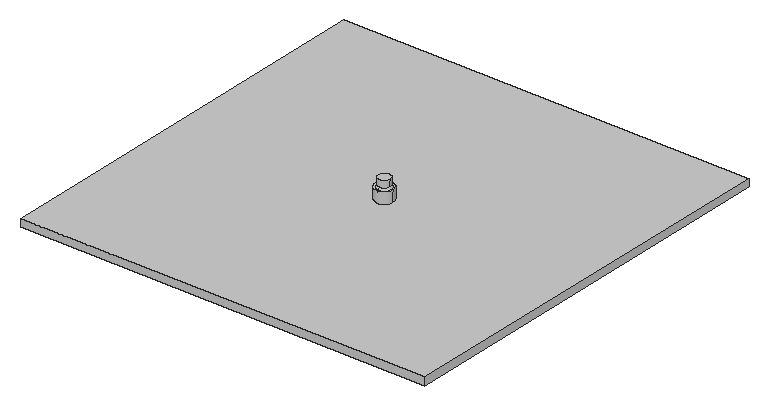
Revit family "SG0086523061CW", category Aparatos sanitarios, Revit 2019 (continued)
Automatic sketch dimensions
  plane 1 "Centro (Frontal/Posterior)" to Extrusion 952 sketch curve = 0.0 mm
  Extrusion 952 sketch curve to plane 3 "Centro (Izquierda/Derecha)" = 150.0 mm
  plane 1 "Centro (Frontal/Posterior)" to Extrusion 953 sketch curve = 0.0 mm
  Extrusion 953 sketch curve to plane 3 "Centro (Izquierda/Derecha)" = 150.0 mm
  plane 1 "Centro (Frontal/Posterior)" to Extrusion 954 sketch curve = 0.0 mm
  Extrusion 954 sketch curve to plane 3 "Centro (Izquierda/Derecha)" = 125.0 mm
  plane 1 "Centro (Frontal/Posterior)" to Extrusion 955 sketch curve = 0.0 mm
  Extrusion 955 sketch curve to plane 3 "Centro (Izquierda/Derecha)" = 125.0 mm
  plane 1 "Centro (Frontal/Posterior)" to Extrusion 956 sketch curve = 0.0 mm
  Extrusion 956 sketch curve to plane 3 "Centro (Izquierda/Derecha)" = 100.0 mm
  plane 1 "Centro (Frontal/Posterior)" to Extrusion 957 sketch curve = 0.0 mm
  Extrusion 957 sketch curve to plane 3 "Centro (Izquierda/Derecha)" = 100.0 mm
  plane 1 "Centro (Frontal/Posterior)" to Extrusion 958 sketch curve = 0.0 mm
  Extrusion 958 sketch curve to plane 3 "Centro (Izquierda/Derecha)" = 75.0 mm
  plane 1 "Centro (Frontal/Posterior)" to Extrusion 959 sketch curve = 0.0 mm
  Extrusion 959 sketch curve to plane 3 "Centro (Izquierda/Derecha)" = 75.0 mm
  plane 1 "Centro (Frontal/Posterior)" to Extrusion 960 sketch curve = 0.0 mm
  Extrusion 960 sketch curve to plane 3 "Centro (Izquierda/Derecha)" = 50.0 mm
  plane 1 "Centro (Frontal/Posterior)" to Extrusion 961 sketch curve = 0.0 mm
  Extrusion 961 sketch curve to plane 3 "Centro (Izquierda/Derecha)" = 50.0 mm
  plane 1 "Centro (Frontal/Posterior)" to Extrusion 962 sketch curve = 0.0 mm
  Extrusion 962 sketch curve to plane 3 "Centro (Izquierda/Derecha)" = 25.0 mm
  plane 1 "Centro (Frontal/Posterior)" to Extrusion 963 sketch curve = 0.0 mm
  Extrusion 963 sketch curve to plane 3 "Centro (Izquierda/Derecha)" = 25.0 mm
  plane 1 "Centro (Frontal/Posterior)" to Extrusion 964 sketch curve = 0.0 mm
  Extrusion 964 sketch curve to plane 3 "Centro (Izquierda/Derecha)" = 0.0 mm
  plane 1 "Centro (Frontal/Posterior)" to Extrusion 965 sketch curve = 0.0 mm
  Extrusion 965 sketch curve to plane 3 "Centro (Izquierda/Derecha)" = 0.0 mm
  plane 1 "Centro (Frontal/Posterior)" to Extrusion 966 sketch curve = 0.0 mm
  plane 3 "Centro (Izquierda/Derecha)" to Extrusion 966 sketch curve = 25.0 mm
  plane 1 "Centro (Frontal/Posterior)" to Extrusion 967 sketch curve = 0.0 mm
  plane 3 "Centro (Izquierda/Derecha)" to Extrusion 967 sketch curve = 25.0 mm
  plane 1 "Centro (Frontal/Posterior)" to Extrusion 968 sketch curve = 0.0 mm
  plane 3 "Centro (Izquierda/Derecha)" to Extrusion 968 sketch curve = 50.0 mm
  plane 1 "Centro (Frontal/Posterior)" to Extrusion 969 sketch curve = 0.0 mm
  plane 3 "Centro (Izquierda/Derecha)" to Extrusion 969 sketch curve = 50.0 mm
  plane 1 "Centro (Frontal/Posterior)" to Extrusion 970 sketch curve = 0.0 mm
  plane 3 "Centro (Izquierda/Derecha)" to Extrusion 970 sketch curve = 75.0 mm
  plane 1 "Centro (Frontal/Posterior)" to Extrusion 971 sketch curve = 0.0 mm
  plane 3 "Centro (Izquierda/Derecha)" to Extrusion 971 sketch curve = 75.0 mm
  plane 1 "Centro (Frontal/Posterior)" to Extrusion 972 sketch curve = 0.0 mm
  plane 3 "Centro (Izquierda/Derecha)" to Extrusion 972 sketch curve = 100.0 mm
  plane 1 "Centro (Frontal/Posterior)" to Extrusion 973 sketch curve = 0.0 mm
  plane 3 "Centro (Izquierda/Derecha)" to Extrusion 973 sketch curve = 100.0 mm
  plane 1 "Centro (Frontal/Posterior)" to Extrusion 974 sketch curve = 0.0 mm
  plane 3 "Centro (Izquierda/Derecha)" to Extrusion 974 sketch curve = 125.0 mm
  plane 1 "Centro (Frontal/Posterior)" to Extrusion 975 sketch curve = 0.0 mm
  plane 3 "Centro (Izquierda/Derecha)" to Extrusion 975 sketch curve = 125.0 mm
  plane 1 "Centro (Frontal/Posterior)" to Extrusion 976 sketch curve = 0.0 mm
  plane 3 "Centro (Izquierda/Derecha)" to Extrusion 976 sketch curve = 150.0 mm
  plane 1 "Centro (Frontal/Posterior)" to Extrusion 977 sketch curve = 0.0 mm
  plane 3 "Centro (Izquierda/Derecha)" to Extrusion 977 sketch curve = 150.0 mm
  plane 1 "Centro (Frontal/Posterior)" to Extrusion 978 sketch curve = 0.0 mm
  plane 3 "Centro (Izquierda/Derecha)" to Extrusion 978 sketch curve = 175.0 mm
  plane 1 "Centro (Frontal/Posterior)" to Extrusion 979 sketch curve = 0.0 mm
  plane 3 "Centro (Izquierda/Derecha)" to Extrusion 979 sketch curve = 175.0 mm
  plane 1 "Centro (Frontal/Posterior)" to Extrusion 980 sketch curve = 0.0 mm
  plane 3 "Centro (Izquierda/Derecha)" to Extrusion 980 sketch curve = 200.0 mm
  plane 1 "Centro (Frontal/Posterior)" to Extrusion 981 sketch curve = 0.0 mm
  plane 3 "Centro (Izquierda/Derecha)" to Extrusion 981 sketch curve = 200.0 mm
  plane 1 "Centro (Frontal/Posterior)" to Extrusion 982 sketch curve = 0.0 mm
  plane 5 to Extrusion 982 sketch curve = 175.0 mm
  plane 1 "Centro (Frontal/Posterior)" to Extrusion 983 sketch curve = 0.0 mm
  plane 5 to Extrusion 983 sketch curve = 175.0 mm
  plane 1 "Centro (Frontal/Posterior)" to Extrusion 984 sketch curve = 0.0 mm
  plane 5 to Extrusion 984 sketch curve = 150.0 mm
  plane 1 "Centro (Frontal/Posterior)" to Extrusion 985 sketch curve = 0.0 mm
  plane 5 to Extrusion 985 sketch curve = 150.0 mm
  plane 1 "Centro (Frontal/Posterior)" to Extrusion 986 sketch curve = 0.0 mm
  plane 5 to Extrusion 986 sketch curve = 125.0 mm
  plane 1 "Centro (Frontal/Posterior)" to Extrusion 987 sketch curve = 0.0 mm
  plane 5 to Extrusion 987 sketch curve = 125.0 mm
  plane 1 "Centro (Frontal/Posterior)" to Extrusion 988 sketch curve = 0.0 mm
  plane 5 to Extrusion 988 sketch curve = 100.0 mm
  plane 1 "Centro (Frontal/Posterior)" to Extrusion 989 sketch curve = 0.0 mm
  plane 5 to Extrusion 989 sketch curve = 100.0 mm
  plane 1 "Centro (Frontal/Posterior)" to Extrusion 990 sketch curve = 0.0 mm
  plane 5 to Extrusion 990 sketch curve = 75.0 mm
  plane 1 "Centro (Frontal/Posterior)" to Extrusion 991 sketch curve = 0.0 mm
  plane 5 to Extrusion 991 sketch curve = 75.0 mm
  plane 1 "Centro (Frontal/Posterior)" to Extrusion 992 sketch curve = 0.0 mm
  plane 5 to Extrusion 992 sketch curve = 50.0 mm
  plane 1 "Centro (Frontal/Posterior)" to Extrusion 993 sketch curve = 0.0 mm
  plane 5 to Extrusion 993 sketch curve = 50.0 mm
  plane 1 "Centro (Frontal/Posterior)" to Extrusion 994 sketch curve = 0.0 mm
  plane 5 to Extrusion 994 sketch curve = 25.0 mm
  plane 1 "Centro (Frontal/Posterior)" to Extrusion 995 sketch curve = 0.0 mm
  plane 5 to Extrusion 995 sketch curve = 25.0 mm
  Extrusion 996 sketch curve to plane 4 = 25.0 mm
  plane 1 "Centro (Frontal/Posterior)" to Extrusion 996 sketch curve = 25.0 mm
  Extrusion 997 sketch curve to plane 4 = 25.0 mm
  plane 1 "Centro (Frontal/Posterior)" to Extrusion 997 sketch curve = 25.0 mm
  plane 1 "Centro (Frontal/Posterior)" to Extrusion 998 sketch curve = 25.0 mm
  Extrusion 998 sketch curve to plane 4 = 50.0 mm
  plane 1 "Centro (Frontal/Posterior)" to Extrusion 999 sketch curve = 25.0 mm
  Extrusion 999 sketch curve to plane 4 = 50.0 mm
  plane 1 "Centro (Frontal/Posterior)" to Extrusion 1000 sketch curve = 25.0 mm
  Extrusion 1000 sketch curve to plane 4 = 75.0 mm
  plane 1 "Centro (Frontal/Posterior)" to Extrusion 1001 sketch curve = 25.0 mm
  Extrusion 1001 sketch curve to plane 4 = 75.0 mm
  plane 1 "Centro (Frontal/Posterior)" to Extrusion 1002 sketch curve = 25.0 mm
  Extrusion 1002 sketch curve to plane 4 = 100.0 mm
  plane 1 "Centro (Frontal/Posterior)" to Extrusion 1003 sketch curve = 25.0 mm
  Extrusion 1003 sketch curve to plane 4 = 100.0 mm
  plane 1 "Centro (Frontal/Posterior)" to Extrusion 1004 sketch curve = 25.0 mm
  Extrusion 1004 sketch curve to plane 4 = 125.0 mm
  plane 1 "Centro (Frontal/Posterior)" to Extrusion 1005 sketch curve = 25.0 mm
  Extrusion 1005 sketch curve to plane 4 = 125.0 mm
  plane 1 "Centro (Frontal/Posterior)" to Extrusion 1006 sketch curve = 25.0 mm
  Extrusion 1006 sketch curve to plane 4 = 150.0 mm
  plane 1 "Centro (Frontal/Posterior)" to Extrusion 1007 sketch curve = 25.0 mm
  Extrusion 1007 sketch curve to plane 4 = 150.0 mm
  plane 1 "Centro (Frontal/Posterior)" to Extrusion 1008 sketch curve = 25.0 mm
  Extrusion 1008 sketch curve to plane 4 = 175.0 mm
  plane 1 "Centro (Frontal/Posterior)" to Extrusion 1009 sketch curve = 25.0 mm
  Extrusion 1009 sketch curve to plane 4 = 175.0 mm
  plane 1 "Centro (Frontal/Posterior)" to Extrusion 1010 sketch curve = 25.0 mm
  Extrusion 1010 sketch curve to plane 3 "Centro (Izquierda/Derecha)" = 200.0 mm
  plane 1 "Centro (Frontal/Posterior)" to Extrusion 1011 sketch curve = 25.0 mm
  Extrusion 1011 sketch curve to plane 3 "Centro (Izquierda/Derecha)" = 200.0 mm
  plane 1 "Centro (Frontal/Posterior)" to Extrusion 1012 sketch curve = 25.0 mm
  Extrusion 1012 sketch curve to plane 3 "Centro (Izquierda/Derecha)" = 175.0 mm
  plane 1 "Centro (Frontal/Posterior)" to Extrusion 1013 sketch curve = 25.0 mm
  Extrusion 1013 sketch curve to plane 3 "Centro (Izquierda/Derecha)" = 175.0 mm
  plane 1 "Centro (Frontal/Posterior)" to Extrusion 1014 sketch curve = 25.0 mm
  Extrusion 1014 sketch curve to plane 3 "Centro (Izquierda/Derecha)" = 150.0 mm
  plane 1 "Centro (Frontal/Posterior)" to Extrusion 1015 sketch curve = 25.0 mm
  Extrusion 1015 sketch curve to plane 3 "Centro (Izquierda/Derecha)" = 150.0 mm
  plane 1 "Centro (Frontal/Posterior)" to Extrusion 1016 sketch curve = 25.0 mm
  Extrusion 1016 sketch curve to plane 3 "Centro (Izquierda/Derecha)" = 125.0 mm
  plane 1 "Centro (Frontal/Posterior)" to Extrusion 1017 sketch curve = 25.0 mm
  Extrusion 1017 sketch curve to plane 3 "Centro (Izquierda/Derecha)" = 125.0 mm
  plane 1 "Centro (Frontal/Posterior)" to Extrusion 1018 sketch curve = 25.0 mm
  Extrusion 1018 sketch curve to plane 3 "Centro (Izquierda/Derecha)" = 100.0 mm
  plane 1 "Centro (Frontal/Posterior)" to Extrusion 1019 sketch curve = 25.0 mm
  Extrusion 1019 sketch curve to plane 3 "Centro (Izquierda/Derecha)" = 100.0 mm
  plane 1 "Centro (Frontal/Posterior)" to Extrusion 1020 sketch curve = 25.0 mm
  Extrusion 1020 sketch curve to plane 3 "Centro (Izquierda/Derecha)" = 75.0 mm
  plane 1 "Centro (Frontal/Posterior)" to Extrusion 1021 sketch curve = 25.0 mm
  Extrusion 1021 sketch curve to plane 3 "Centro (Izquierda/Derecha)" = 75.0 mm
  plane 1 "Centro (Frontal/Posterior)" to Extrusion 1022 sketch curve = 25.0 mm
  Extrusion 1022 sketch curve to plane 3 "Centro (Izquierda/Derecha)" = 50.0 mm
  plane 1 "Centro (Frontal/Posterior)" to Extrusion 1023 sketch curve = 25.0 mm
  Extrusion 1023 sketch curve to plane 3 "Centro (Izquierda/Derecha)" = 50.0 mm
  Extrusion 1024 sketch curve to plane 3 "Centro (Izquierda/Derecha)" = 25.0 mm
  plane 1 "Centro (Frontal/Posterior)" to Extrusion 1024 sketch curve = 25.0 mm
  Extrusion 1025 sketch curve to plane 3 "Centro (Izquierda/Derecha)" = 25.0 mm
  plane 1 "Centro (Frontal/Posterior)" to Extrusion 1025 sketch curve = 25.0 mm
  Extrusion 1026 sketch curve to plane 3 "Centro (Izquierda/Derecha)" = 0.0 mm
  plane 1 "Centro (Frontal/Posterior)" to Extrusion 1026 sketch curve = 25.0 mm
  Extrusion 1027 sketch curve to plane 3 "Centro (Izquierda/Derecha)" = 0.0 mm
  plane 1 "Centro (Frontal/Posterior)" to Extrusion 1027 sketch curve = 25.0 mm
  plane 3 "Centro (Izquierda/Derecha)" to Extrusion 1028 sketch curve = 25.0 mm
  plane 1 "Centro (Frontal/Posterior)" to Extrusion 1028 sketch curve = 25.0 mm
  plane 3 "Centro (Izquierda/Derecha)" to Extrusion 1029 sketch curve = 25.0 mm
  plane 1 "Centro (Frontal/Posterior)" to Extrusion 1029 sketch curve = 25.0 mm
  plane 1 "Centro (Frontal/Posterior)" to Extrusion 1030 sketch curve = 25.0 mm
  plane 3 "Centro (Izquierda/Derecha)" to Extrusion 1030 sketch curve = 50.0 mm
  plane 1 "Centro (Frontal/Posterior)" to Extrusion 1031 sketch curve = 25.0 mm
  plane 3 "Centro (Izquierda/Derecha)" to Extrusion 1031 sketch curve = 50.0 mm
  plane 1 "Centro (Frontal/Posterior)" to Extrusion 1032 sketch curve = 25.0 mm
  plane 3 "Centro (Izquierda/Derecha)" to Extrusion 1032 sketch curve = 75.0 mm
  plane 1 "Centro (Frontal/Posterior)" to Extrusion 1033 sketch curve = 25.0 mm
  plane 3 "Centro (Izquierda/Derecha)" to Extrusion 1033 sketch curve = 75.0 mm
  plane 1 "Centro (Frontal/Posterior)" to Extrusion 1034 sketch curve = 25.0 mm
  plane 3 "Centro (Izquierda/Derecha)" to Extrusion 1034 sketch curve = 100.0 mm
  plane 1 "Centro (Frontal/Posterior)" to Extrusion 1035 sketch curve = 25.0 mm
  plane 3 "Centro (Izquierda/Derecha)" to Extrusion 1035 sketch curve = 100.0 mm
  plane 1 "Centro (Frontal/Posterior)" to Extrusion 1036 sketch curve = 25.0 mm
  plane 3 "Centro (Izquierda/Derecha)" to Extrusion 1036 sketch curve = 125.0 mm
  plane 1 "Centro (Frontal/Posterior)" to Extrusion 1037 sketch curve = 25.0 mm
  plane 3 "Centro (Izquierda/Derecha)" to Extrusion 1037 sketch curve = 125.0 mm
  plane 1 "Centro (Frontal/Posterior)" to Extrusion 1038 sketch curve = 25.0 mm
  plane 3 "Centro (Izquierda/Derecha)" to Extrusion 1038 sketch curve = 150.0 mm
  plane 1 "Centro (Frontal/Posterior)" to Extrusion 1039 sketch curve = 25.0 mm
  plane 3 "Centro (Izquierda/Derecha)" to Extrusion 1039 sketch curve = 150.0 mm
  plane 1 "Centro (Frontal/Posterior)" to Extrusion 1040 sketch curve = 25.0 mm
  plane 3 "Centro (Izquierda/Derecha)" to Extrusion 1040 sketch curve = 175.0 mm
  plane 1 "Centro (Frontal/Posterior)" to Extrusion 1041 sketch curve = 25.0 mm
  plane 3 "Centro (Izquierda/Derecha)" to Extrusion 1041 sketch curve = 175.0 mm
  plane 1 "Centro (Frontal/Posterior)" to Extrusion 1042 sketch curve = 25.0 mm
  plane 3 "Centro (Izquierda/Derecha)" to Extrusion 1042 sketch curve = 200.0 mm
  plane 1 "Centro (Frontal/Posterior)" to Extrusion 1043 sketch curve = 25.0 mm
  plane 3 "Centro (Izquierda/Derecha)" to Extrusion 1043 sketch curve = 200.0 mm
  plane 1 "Centro (Frontal/Posterior)" to Extrusion 1044 sketch curve = 25.0 mm
  plane 5 to Extrusion 1044 sketch curve = 175.0 mm
  plane 1 "Centro (Frontal/Posterior)" to Extrusion 1045 sketch curve = 25.0 mm
  plane 5 to Extrusion 1045 sketch curve = 175.0 mm
  plane 1 "Centro (Frontal/Posterior)" to Extrusion 1046 sketch curve = 25.0 mm
  plane 5 to Extrusion 1046 sketch curve = 150.0 mm
  plane 1 "Centro (Frontal/Posterior)" to Extrusion 1047 sketch curve = 25.0 mm
  plane 5 to Extrusion 1047 sketch curve = 150.0 mm
  plane 1 "Centro (Frontal/Posterior)" to Extrusion 1048 sketch curve = 25.0 mm
  plane 5 to Extrusion 1048 sketch curve = 125.0 mm
  plane 1 "Centro (Frontal/Posterior)" to Extrusion 1049 sketch curve = 25.0 mm
  plane 5 to Extrusion 1049 sketch curve = 125.0 mm
  plane 1 "Centro (Frontal/Posterior)" to Extrusion 1050 sketch curve = 25.0 mm
  plane 5 to Extrusion 1050 sketch curve = 100.0 mm
  plane 1 "Centro (Frontal/Posterior)" to Extrusion 1051 sketch curve = 25.0 mm
  plane 5 to Extrusion 1051 sketch curve = 100.0 mm
  plane 1 "Centro (Frontal/Posterior)" to Extrusion 1052 sketch curve = 25.0 mm
  plane 5 to Extrusion 1052 sketch curve = 75.0 mm
  plane 1 "Centro (Frontal/Posterior)" to Extrusion 1053 sketch curve = 25.0 mm
  plane 5 to Extrusion 1053 sketch curve = 75.0 mm
  plane 1 "Centro (Frontal/Posterior)" to Extrusion 1054 sketch curve = 25.0 mm
  plane 5 to Extrusion 1054 sketch curve = 50.0 mm
  plane 1 "Centro (Frontal/Posterior)" to Extrusion 1055 sketch curve = 25.0 mm
  plane 5 to Extrusion 1055 sketch curve = 50.0 mm
  plane 5 to Extrusion 1056 sketch curve = 25.0 mm
  plane 1 "Centro (Frontal/Posterior)" to Extrusion 1056 sketch curve = 25.0 mm
  plane 5 to Extrusion 1057 sketch curve = 25.0 mm
  plane 1 "Centro (Frontal/Posterior)" to Extrusion 1057 sketch curve = 25.0 mm
  Extrusion 1058 sketch curve to plane 4 = 25.0 mm
  plane 1 "Centro (Frontal/Posterior)" to Extrusion 1058 sketch curve = 50.0 mm
  Extrusion 1059 sketch curve to plane 4 = 25.0 mm
  plane 1 "Centro (Frontal/Posterior)" to Extrusion 1059 sketch curve = 50.0 mm
  Extrusion 1060 sketch curve to plane 4 = 50.0 mm
  plane 1 "Centro (Frontal/Posterior)" to Extrusion 1060 sketch curve = 50.0 mm
  Extrusion 1061 sketch curve to plane 4 = 50.0 mm
  plane 1 "Centro (Frontal/Posterior)" to Extrusion 1061 sketch curve = 50.0 mm
  Extrusion 1062 sketch curve to plane 4 = 75.0 mm
  plane 1 "Centro (Frontal/Posterior)" to Extrusion 1062 sketch curve = 50.0 mm
  Extrusion 1063 sketch curve to plane 4 = 75.0 mm
  plane 1 "Centro (Frontal/Posterior)" to Extrusion 1063 sketch curve = 50.0 mm
  plane 1 "Centro (Frontal/Posterior)" to Extrusion 1064 sketch curve = 50.0 mm
  Extrusion 1064 sketch curve to plane 4 = 100.0 mm
  plane 1 "Centro (Frontal/Posterior)" to Extrusion 1065 sketch curve = 50.0 mm
  Extrusion 1065 sketch curve to plane 4 = 100.0 mm
  plane 1 "Centro (Frontal/Posterior)" to Extrusion 1066 sketch curve = 50.0 mm
  Extrusion 1066 sketch curve to plane 4 = 125.0 mm
  plane 1 "Centro (Frontal/Posterior)" to Extrusion 1067 sketch curve = 50.0 mm
  Extrusion 1067 sketch curve to plane 4 = 125.0 mm
  plane 1 "Centro (Frontal/Posterior)" to Extrusion 1068 sketch curve = 50.0 mm
  Extrusion 1068 sketch curve to plane 4 = 150.0 mm
  plane 1 "Centro (Frontal/Posterior)" to Extrusion 1069 sketch curve = 50.0 mm
  Extrusion 1069 sketch curve to plane 4 = 150.0 mm
  plane 1 "Centro (Frontal/Posterior)" to Extrusion 1070 sketch curve = 50.0 mm
  Extrusion 1070 sketch curve to plane 4 = 175.0 mm
  plane 1 "Centro (Frontal/Posterior)" to Extrusion 1071 sketch curve = 50.0 mm
  Extrusion 1071 sketch curve to plane 4 = 175.0 mm
  plane 1 "Centro (Frontal/Posterior)" to Extrusion 1072 sketch curve = 50.0 mm
  Extrusion 1072 sketch curve to plane 3 "Centro (Izquierda/Derecha)" = 200.0 mm
  plane 1 "Centro (Frontal/Posterior)" to Extrusion 1073 sketch curve = 50.0 mm
  Extrusion 1073 sketch curve to plane 3 "Centro (Izquierda/Derecha)" = 200.0 mm
  plane 1 "Centro (Frontal/Posterior)" to Extrusion 1074 sketch curve = 50.0 mm
  Extrusion 1074 sketch curve to plane 3 "Centro (Izquierda/Derecha)" = 175.0 mm
  plane 1 "Centro (Frontal/Posterior)" to Extrusion 1075 sketch curve = 50.0 mm
  Extrusion 1075 sketch curve to plane 3 "Centro (Izquierda/Derecha)" = 175.0 mm
  plane 1 "Centro (Frontal/Posterior)" to Extrusion 1076 sketch curve = 50.0 mm
  Extrusion 1076 sketch curve to plane 3 "Centro (Izquierda/Derecha)" = 150.0 mm
  plane 1 "Centro (Frontal/Posterior)" to Extrusion 1077 sketch curve = 50.0 mm
  Extrusion 1077 sketch curve to plane 3 "Centro (Izquierda/Derecha)" = 150.0 mm
  plane 1 "Centro (Frontal/Posterior)" to Extrusion 1078 sketch curve = 50.0 mm
  Extrusion 1078 sketch curve to plane 3 "Centro (Izquierda/Derecha)" = 125.0 mm
  plane 1 "Centro (Frontal/Posterior)" to Extrusion 1079 sketch curve = 50.0 mm
  Extrusion 1079 sketch curve to plane 3 "Centro (Izquierda/Derecha)" = 125.0 mm
  plane 1 "Centro (Frontal/Posterior)" to Extrusion 1080 sketch curve = 50.0 mm
  Extrusion 1080 sketch curve to plane 3 "Centro (Izquierda/Derecha)" = 100.0 mm
  plane 1 "Centro (Frontal/Posterior)" to Extrusion 1081 sketch curve = 50.0 mm
  Extrusion 1081 sketch curve to plane 3 "Centro (Izquierda/Derecha)" = 100.0 mm
  Extrusion 1082 sketch curve to plane 3 "Centro (Izquierda/Derecha)" = 75.0 mm
  plane 1 "Centro (Frontal/Posterior)" to Extrusion 1082 sketch curve = 50.0 mm
  Extrusion 1083 sketch curve to plane 3 "Centro (Izquierda/Derecha)" = 75.0 mm
  plane 1 "Centro (Frontal/Posterior)" to Extrusion 1083 sketch curve = 50.0 mm
  Extrusion 1084 sketch curve to plane 3 "Centro (Izquierda/Derecha)" = 50.0 mm
  plane 1 "Centro (Frontal/Posterior)" to Extrusion 1084 sketch curve = 50.0 mm
  Extrusion 1085 sketch curve to plane 3 "Centro (Izquierda/Derecha)" = 50.0 mm
  plane 1 "Centro (Frontal/Posterior)" to Extrusion 1085 sketch curve = 50.0 mm
  Extrusion 1086 sketch curve to plane 3 "Centro (Izquierda/Derecha)" = 25.0 mm
  plane 1 "Centro (Frontal/Posterior)" to Extrusion 1086 sketch curve = 50.0 mm
  Extrusion 1087 sketch curve to plane 3 "Centro (Izquierda/Derecha)" = 25.0 mm
  plane 1 "Centro (Frontal/Posterior)" to Extrusion 1087 sketch curve = 50.0 mm
  Extrusion 1088 sketch curve to plane 3 "Centro (Izquierda/Derecha)" = 0.0 mm
  plane 1 "Centro (Frontal/Posterior)" to Extrusion 1088 sketch curve = 50.0 mm
  Extrusion 1089 sketch curve to plane 3 "Centro (Izquierda/Derecha)" = 0.0 mm
  plane 1 "Centro (Frontal/Posterior)" to Extrusion 1089 sketch curve = 50.0 mm
  plane 3 "Centro (Izquierda/Derecha)" to Extrusion 1090 sketch curve = 25.0 mm
  plane 1 "Centro (Frontal/Posterior)" to Extrusion 1090 sketch curve = 50.0 mm
  plane 3 "Centro (Izquierda/Derecha)" to Extrusion 1091 sketch curve = 25.0 mm
  plane 1 "Centro (Frontal/Posterior)" to Extrusion 1091 sketch curve = 50.0 mm
  plane 3 "Centro (Izquierda/Derecha)" to Extrusion 1092 sketch curve = 50.0 mm
  plane 1 "Centro (Frontal/Posterior)" to Extrusion 1092 sketch curve = 50.0 mm
  plane 3 "Centro (Izquierda/Derecha)" to Extrusion 1093 sketch curve = 50.0 mm
  plane 1 "Centro (Frontal/Posterior)" to Extrusion 1093 sketch curve = 50.0 mm
  plane 3 "Centro (Izquierda/Derecha)" to Extrusion 1094 sketch curve = 75.0 mm
  plane 1 "Centro (Frontal/Posterior)" to Extrusion 1094 sketch curve = 50.0 mm
  plane 3 "Centro (Izquierda/Derecha)" to Extrusion 1095 sketch curve = 75.0 mm
  plane 1 "Centro (Frontal/Posterior)" to Extrusion 1095 sketch curve = 50.0 mm
  plane 1 "Centro (Frontal/Posterior)" to Extrusion 1096 sketch curve = 50.0 mm
  plane 3 "Centro (Izquierda/Derecha)" to Extrusion 1096 sketch curve = 100.0 mm
  plane 1 "Centro (Frontal/Posterior)" to Extrusion 1097 sketch curve = 50.0 mm
  plane 3 "Centro (Izquierda/Derecha)" to Extrusion 1097 sketch curve = 100.0 mm
  plane 1 "Centro (Frontal/Posterior)" to Extrusion 1098 sketch curve = 50.0 mm
  plane 3 "Centro (Izquierda/Derecha)" to Extrusion 1098 sketch curve = 125.0 mm
  plane 1 "Centro (Frontal/Posterior)" to Extrusion 1099 sketch curve = 50.0 mm
  plane 3 "Centro (Izquierda/Derecha)" to Extrusion 1099 sketch curve = 125.0 mm
  plane 1 "Centro (Frontal/Posterior)" to Extrusion 1100 sketch curve = 50.0 mm
  plane 3 "Centro (Izquierda/Derecha)" to Extrusion 1100 sketch curve = 150.0 mm
  plane 1 "Centro (Frontal/Posterior)" to Extrusion 1101 sketch curve = 50.0 mm
  plane 3 "Centro (Izquierda/Derecha)" to Extrusion 1101 sketch curve = 150.0 mm
  plane 1 "Centro (Frontal/Posterior)" to Extrusion 1102 sketch curve = 50.0 mm
  plane 3 "Centro (Izquierda/Derecha)" to Extrusion 1102 sketch curve = 175.0 mm
  plane 1 "Centro (Frontal/Posterior)" to Extrusion 1103 sketch curve = 50.0 mm
  plane 3 "Centro (Izquierda/Derecha)" to Extrusion 1103 sketch curve = 175.0 mm
  plane 1 "Centro (Frontal/Posterior)" to Extrusion 1104 sketch curve = 50.0 mm
  plane 3 "Centro (Izquierda/Derecha)" to Extrusion 1104 sketch curve = 200.0 mm
  plane 1 "Centro (Frontal/Posterior)" to Extrusion 1105 sketch curve = 50.0 mm
  plane 3 "Centro (Izquierda/Derecha)" to Extrusion 1105 sketch curve = 200.0 mm
  plane 1 "Centro (Frontal/Posterior)" to Extrusion 1106 sketch curve = 50.0 mm
  plane 5 to Extrusion 1106 sketch curve = 175.0 mm
  plane 1 "Centro (Frontal/Posterior)" to Extrusion 1107 sketch curve = 50.0 mm
  plane 5 to Extrusion 1107 sketch curve = 175.0 mm
  plane 1 "Centro (Frontal/Posterior)" to Extrusion 1108 sketch curve = 50.0 mm
  plane 5 to Extrusion 1108 sketch curve = 150.0 mm
  plane 1 "Centro (Frontal/Posterior)" to Extrusion 1109 sketch curve = 50.0 mm
  plane 5 to Extrusion 1109 sketch curve = 150.0 mm
  plane 1 "Centro (Frontal/Posterior)" to Extrusion 1110 sketch curve = 50.0 mm
  plane 5 to Extrusion 1110 sketch curve = 125.0 mm
  plane 1 "Centro (Frontal/Posterior)" to Extrusion 1111 sketch curve = 50.0 mm
  plane 5 to Extrusion 1111 sketch curve = 125.0 mm
  plane 1 "Centro (Frontal/Posterior)" to Extrusion 1112 sketch curve = 50.0 mm
  plane 5 to Extrusion 1112 sketch curve = 100.0 mm
  plane 1 "Centro (Frontal/Posterior)" to Extrusion 1113 sketch curve = 50.0 mm
  plane 5 to Extrusion 1113 sketch curve = 100.0 mm
  plane 5 to Extrusion 1114 sketch curve = 75.0 mm
  plane 1 "Centro (Frontal/Posterior)" to Extrusion 1114 sketch curve = 50.0 mm
  plane 5 to Extrusion 1115 sketch curve = 75.0 mm
  plane 1 "Centro (Frontal/Posterior)" to Extrusion 1115 sketch curve = 50.0 mm
  plane 5 to Extrusion 1116 sketch curve = 50.0 mm
  plane 1 "Centro (Frontal/Posterior)" to Extrusion 1116 sketch curve = 50.0 mm
  plane 5 to Extrusion 1117 sketch curve = 50.0 mm
  plane 1 "Centro (Frontal/Posterior)" to Extrusion 1117 sketch curve = 50.0 mm
  plane 5 to Extrusion 1118 sketch curve = 25.0 mm
  plane 1 "Centro (Frontal/Posterior)" to Extrusion 1118 sketch curve = 50.0 mm
  plane 5 to Extrusion 1119 sketch curve = 25.0 mm
  plane 1 "Centro (Frontal/Posterior)" to Extrusion 1119 sketch curve = 50.0 mm
  Extrusion 1120 sketch curve to plane 4 = 25.0 mm
  plane 1 "Centro (Frontal/Posterior)" to Extrusion 1120 sketch curve = 75.0 mm
  Extrusion 1121 sketch curve to plane 4 = 25.0 mm
  plane 1 "Centro (Frontal/Posterior)" to Extrusion 1121 sketch curve = 75.0 mm
  Extrusion 1122 sketch curve to plane 4 = 50.0 mm
  plane 1 "Centro (Frontal/Posterior)" to Extrusion 1122 sketch curve = 75.0 mm
  Extrusion 1123 sketch curve to plane 4 = 50.0 mm
  plane 1 "Centro (Frontal/Posterior)" to Extrusion 1123 sketch curve = 75.0 mm
  Extrusion 1124 sketch curve to plane 4 = 75.0 mm
  plane 1 "Centro (Frontal/Posterior)" to Extrusion 1124 sketch curve = 75.0 mm
  Extrusion 1125 sketch curve to plane 4 = 75.0 mm
  plane 1 "Centro (Frontal/Posterior)" to Extrusion 1125 sketch curve = 75.0 mm
  Extrusion 1126 sketch curve to plane 4 = 100.0 mm
  plane 1 "Centro (Frontal/Posterior)" to Extrusion 1126 sketch curve = 75.0 mm
  Extrusion 1127 sketch curve to plane 4 = 100.0 mm
  plane 1 "Centro (Frontal/Posterior)" to Extrusion 1127 sketch curve = 75.0 mm
  Extrusion 1128 sketch curve to plane 4 = 125.0 mm
  plane 1 "Centro (Frontal/Posterior)" to Extrusion 1128 sketch curve = 75.0 mm
  Extrusion 1129 sketch curve to plane 4 = 125.0 mm
  plane 1 "Centro (Frontal/Posterior)" to Extrusion 1129 sketch curve = 75.0 mm
  plane 1 "Centro (Frontal/Posterior)" to Extrusion 1130 sketch curve = 75.0 mm
  Extrusion 1130 sketch curve to plane 4 = 150.0 mm
  plane 1 "Centro (Frontal/Posterior)" to Extrusion 1131 sketch curve = 75.0 mm
  Extrusion 1131 sketch curve to plane 4 = 150.0 mm
  plane 1 "Centro (Frontal/Posterior)" to Extrusion 1132 sketch curve = 75.0 mm
  Extrusion 1132 sketch curve to plane 4 = 175.0 mm
  plane 1 "Centro (Frontal/Posterior)" to Extrusion 1133 sketch curve = 75.0 mm
  Extrusion 1133 sketch curve to plane 4 = 175.0 mm
  plane 1 "Centro (Frontal/Posterior)" to Extrusion 1134 sketch curve = 75.0 mm
  Extrusion 1134 sketch curve to plane 3 "Centro (Izquierda/Derecha)" = 200.0 mm
  plane 1 "Centro (Frontal/Posterior)" to Extrusion 1135 sketch curve = 75.0 mm
  Extrusion 1135 sketch curve to plane 3 "Centro (Izquierda/Derecha)" = 200.0 mm
  plane 1 "Centro (Frontal/Posterior)" to Extrusion 1136 sketch curve = 75.0 mm
  Extrusion 1136 sketch curve to plane 3 "Centro (Izquierda/Derecha)" = 175.0 mm
  plane 1 "Centro (Frontal/Posterior)" to Extrusion 1137 sketch curve = 75.0 mm
  Extrusion 1137 sketch curve to plane 3 "Centro (Izquierda/Derecha)" = 175.0 mm
  plane 1 "Centro (Frontal/Posterior)" to Extrusion 1138 sketch curve = 75.0 mm
  Extrusion 1138 sketch curve to plane 3 "Centro (Izquierda/Derecha)" = 150.0 mm
  plane 1 "Centro (Frontal/Posterior)" to Extrusion 1139 sketch curve = 75.0 mm
  Extrusion 1139 sketch curve to plane 3 "Centro (Izquierda/Derecha)" = 150.0 mm
  Extrusion 1140 sketch curve to plane 3 "Centro (Izquierda/Derecha)" = 125.0 mm
  plane 1 "Centro (Frontal/Posterior)" to Extrusion 1140 sketch curve = 75.0 mm
  Extrusion 1141 sketch curve to plane 3 "Centro (Izquierda/Derecha)" = 125.0 mm
  plane 1 "Centro (Frontal/Posterior)" to Extrusion 1141 sketch curve = 75.0 mm
  Extrusion 1142 sketch curve to plane 3 "Centro (Izquierda/Derecha)" = 100.0 mm
  plane 1 "Centro (Frontal/Posterior)" to Extrusion 1142 sketch curve = 75.0 mm
  Extrusion 1143 sketch curve to plane 3 "Centro (Izquierda/Derecha)" = 100.0 mm
  plane 1 "Centro (Frontal/Posterior)" to Extrusion 1143 sketch curve = 75.0 mm
  Extrusion 1144 sketch curve to plane 3 "Centro (Izquierda/Derecha)" = 75.0 mm
  plane 1 "Centro (Frontal/Posterior)" to Extrusion 1144 sketch curve = 75.0 mm
  Extrusion 1145 sketch curve to plane 3 "Centro (Izquierda/Derecha)" = 75.0 mm
  plane 1 "Centro (Frontal/Posterior)" to Extrusion 1145 sketch curve = 75.0 mm
  Extrusion 1146 sketch curve to plane 3 "Centro (Izquierda/Derecha)" = 50.0 mm
  plane 1 "Centro (Frontal/Posterior)" to Extrusion 1146 sketch curve = 75.0 mm
  Extrusion 1147 sketch curve to plane 3 "Centro (Izquierda/Derecha)" = 50.0 mm
  plane 1 "Centro (Frontal/Posterior)" to Extrusion 1147 sketch curve = 75.0 mm
  Extrusion 1148 sketch curve to plane 3 "Centro (Izquierda/Derecha)" = 25.0 mm
  plane 1 "Centro (Frontal/Posterior)" to Extrusion 1148 sketch curve = 75.0 mm
  Extrusion 1149 sketch curve to plane 3 "Centro (Izquierda/Derecha)" = 25.0 mm
  plane 1 "Centro (Frontal/Posterior)" to Extrusion 1149 sketch curve = 75.0 mm
  Extrusion 1150 sketch curve to plane 3 "Centro (Izquierda/Derecha)" = 0.0 mm
  plane 1 "Centro (Frontal/Posterior)" to Extrusion 1150 sketch curve = 75.0 mm
  Extrusion 1151 sketch curve to plane 3 "Centro (Izquierda/Derecha)" = 0.0 mm
  plane 1 "Centro (Frontal/Posterior)" to Extrusion 1151 sketch curve = 75.0 mm
  plane 3 "Centro (Izquierda/Derecha)" to Extrusion 1152 sketch curve = 25.0 mm
  plane 1 "Centro (Frontal/Posterior)" to Extrusion 1152 sketch curve = 75.0 mm
  plane 3 "Centro (Izquierda/Derecha)" to Extrusion 1153 sketch curve = 25.0 mm
  plane 1 "Centro (Frontal/Posterior)" to Extrusion 1153 sketch curve = 75.0 mm
  plane 3 "Centro (Izquierda/Derecha)" to Extrusion 1154 sketch curve = 50.0 mm
  plane 1 "Centro (Frontal/Posterior)" to Extrusion 1154 sketch curve = 75.0 mm
  plane 3 "Centro (Izquierda/Derecha)" to Extrusion 1155 sketch curve = 50.0 mm
  plane 1 "Centro (Frontal/Posterior)" to Extrusion 1155 sketch curve = 75.0 mm
  plane 3 "Centro (Izquierda/Derecha)" to Extrusion 1156 sketch curve = 75.0 mm
  plane 1 "Centro (Frontal/Posterior)" to Extrusion 1156 sketch curve = 75.0 mm
  plane 3 "Centro (Izquierda/Derecha)" to Extrusion 1157 sketch curve = 75.0 mm
  plane 1 "Centro (Frontal/Posterior)" to Extrusion 1157 sketch curve = 75.0 mm
  plane 3 "Centro (Izquierda/Derecha)" to Extrusion 1158 sketch curve = 100.0 mm
  plane 1 "Centro (Frontal/Posterior)" to Extrusion 1158 sketch curve = 75.0 mm
  plane 3 "Centro (Izquierda/Derecha)" to Extrusion 1159 sketch curve = 100.0 mm
  plane 1 "Centro (Frontal/Posterior)" to Extrusion 1159 sketch curve = 75.0 mm
  plane 3 "Centro (Izquierda/Derecha)" to Extrusion 1160 sketch curve = 125.0 mm
  plane 1 "Centro (Frontal/Posterior)" to Extrusion 1160 sketch curve = 75.0 mm
  plane 3 "Centro (Izquierda/Derecha)" to Extrusion 1161 sketch curve = 125.0 mm
  plane 1 "Centro (Frontal/Posterior)" to Extrusion 1161 sketch curve = 75.0 mm
  plane 1 "Centro (Frontal/Posterior)" to Extrusion 1162 sketch curve = 75.0 mm
  plane 3 "Centro (Izquierda/Derecha)" to Extrusion 1162 sketch curve = 150.0 mm
  plane 1 "Centro (Frontal/Posterior)" to Extrusion 1163 sketch curve = 75.0 mm
  plane 3 "Centro (Izquierda/Derecha)" to Extrusion 1163 sketch curve = 150.0 mm
  plane 1 "Centro (Frontal/Posterior)" to Extrusion 1164 sketch curve = 75.0 mm
  plane 3 "Centro (Izquierda/Derecha)" to Extrusion 1164 sketch curve = 175.0 mm
  plane 1 "Centro (Frontal/Posterior)" to Extrusion 1165 sketch curve = 75.0 mm
  plane 3 "Centro (Izquierda/Derecha)" to Extrusion 1165 sketch curve = 175.0 mm
  plane 1 "Centro (Frontal/Posterior)" to Extrusion 1166 sketch curve = 75.0 mm
  plane 3 "Centro (Izquierda/Derecha)" to Extrusion 1166 sketch curve = 200.0 mm
  plane 1 "Centro (Frontal/Posterior)" to Extrusion 1167 sketch curve = 75.0 mm
  plane 3 "Centro (Izquierda/Derecha)" to Extrusion 1167 sketch curve = 200.0 mm
  plane 1 "Centro (Frontal/Posterior)" to Extrusion 1168 sketch curve = 75.0 mm
  plane 5 to Extrusion 1168 sketch curve = 175.0 mm
  plane 1 "Centro (Frontal/Posterior)" to Extrusion 1169 sketch curve = 75.0 mm
  plane 5 to Extrusion 1169 sketch curve = 175.0 mm
  plane 1 "Centro (Frontal/Posterior)" to Extrusion 1170 sketch curve = 75.0 mm
  plane 5 to Extrusion 1170 sketch curve = 150.0 mm
  plane 1 "Centro (Frontal/Posterior)" to Extrusion 1171 sketch curve = 75.0 mm
  plane 5 to Extrusion 1171 sketch curve = 150.0 mm
  plane 5 to Extrusion 1172 sketch curve = 125.0 mm
  plane 1 "Centro (Frontal/Posterior)" to Extrusion 1172 sketch curve = 75.0 mm
  plane 5 to Extrusion 1173 sketch curve = 125.0 mm
  plane 1 "Centro (Frontal/Posterior)" to Extrusion 1173 sketch curve = 75.0 mm
  plane 5 to Extrusion 1174 sketch curve = 100.0 mm
  plane 1 "Centro (Frontal/Posterior)" to Extrusion 1174 sketch curve = 75.0 mm
  plane 5 to Extrusion 1175 sketch curve = 100.0 mm
  plane 1 "Centro (Frontal/Posterior)" to Extrusion 1175 sketch curve = 75.0 mm
  plane 5 to Extrusion 1176 sketch curve = 75.0 mm
  plane 1 "Centro (Frontal/Posterior)" to Extrusion 1176 sketch curve = 75.0 mm
  plane 5 to Extrusion 1177 sketch curve = 75.0 mm
  plane 1 "Centro (Frontal/Posterior)" to Extrusion 1177 sketch curve = 75.0 mm
  plane 5 to Extrusion 1178 sketch curve = 50.0 mm
  plane 1 "Centro (Frontal/Posterior)" to Extrusion 1178 sketch curve = 75.0 mm
  plane 5 to Extrusion 1179 sketch curve = 50.0 mm
  plane 1 "Centro (Frontal/Posterior)" to Extrusion 1179 sketch curve = 75.0 mm
  plane 5 to Extrusion 1180 sketch curve = 25.0 mm
  plane 1 "Centro (Frontal/Posterior)" to Extrusion 1180 sketch curve = 75.0 mm
  plane 5 to Extrusion 1181 sketch curve = 25.0 mm
  plane 1 "Centro (Frontal/Posterior)" to Extrusion 1181 sketch curve = 75.0 mm
  Extrusion 1182 sketch curve to plane 4 = 25.0 mm
  plane 1 "Centro (Frontal/Posterior)" to Extrusion 1182 sketch curve = 100.0 mm
  Extrusion 1183 sketch curve to plane 4 = 25.0 mm
  plane 1 "Centro (Frontal/Posterior)" to Extrusion 1183 sketch curve = 100.0 mm
  Extrusion 1184 sketch curve to plane 4 = 50.0 mm
  plane 1 "Centro (Frontal/Posterior)" to Extrusion 1184 sketch curve = 100.0 mm
  Extrusion 1185 sketch curve to plane 4 = 50.0 mm
  plane 1 "Centro (Frontal/Posterior)" to Extrusion 1185 sketch curve = 100.0 mm
  Extrusion 1186 sketch curve to plane 4 = 75.0 mm
  plane 1 "Centro (Frontal/Posterior)" to Extrusion 1186 sketch curve = 100.0 mm
  Extrusion 1187 sketch curve to plane 4 = 75.0 mm
  plane 1 "Centro (Frontal/Posterior)" to Extrusion 1187 sketch curve = 100.0 mm
  Extrusion 1188 sketch curve to plane 4 = 100.0 mm
  plane 1 "Centro (Frontal/Posterior)" to Extrusion 1188 sketch curve = 100.0 mm
  Extrusion 1189 sketch curve to plane 4 = 100.0 mm
  plane 1 "Centro (Frontal/Posterior)" to Extrusion 1189 sketch curve = 100.0 mm
  Extrusion 1190 sketch curve to plane 4 = 125.0 mm
  plane 1 "Centro (Frontal/Posterior)" to Extrusion 1190 sketch curve = 100.0 mm
  Extrusion 1191 sketch curve to plane 4 = 125.0 mm
  plane 1 "Centro (Frontal/Posterior)" to Extrusion 1191 sketch curve = 100.0 mm
  Extrusion 1192 sketch curve to plane 4 = 150.0 mm
  plane 1 "Centro (Frontal/Posterior)" to Extrusion 1192 sketch curve = 100.0 mm
  Extrusion 1193 sketch curve to plane 4 = 150.0 mm
  plane 1 "Centro (Frontal/Posterior)" to Extrusion 1193 sketch curve = 100.0 mm
  Extrusion 1194 sketch curve to plane 4 = 175.0 mm
  plane 1 "Centro (Frontal/Posterior)" to Extrusion 1194 sketch curve = 100.0 mm
  Extrusion 1195 sketch curve to plane 4 = 175.0 mm
  plane 1 "Centro (Frontal/Posterior)" to Extrusion 1195 sketch curve = 100.0 mm
  plane 1 "Centro (Frontal/Posterior)" to Extrusion 1196 sketch curve = 100.0 mm
  Extrusion 1196 sketch curve to plane 3 "Centro (Izquierda/Derecha)" = 200.0 mm
  plane 1 "Centro (Frontal/Posterior)" to Extrusion 1197 sketch curve = 100.0 mm
  Extrusion 1197 sketch curve to plane 3 "Centro (Izquierda/Derecha)" = 200.0 mm
  Extrusion 1198 sketch curve to plane 3 "Centro (Izquierda/Derecha)" = 175.0 mm
  plane 1 "Centro (Frontal/Posterior)" to Extrusion 1198 sketch curve = 100.0 mm
  Extrusion 1199 sketch curve to plane 3 "Centro (Izquierda/Derecha)" = 175.0 mm
  plane 1 "Centro (Frontal/Posterior)" to Extrusion 1199 sketch curve = 100.0 mm
  Extrusion 1200 sketch curve to plane 3 "Centro (Izquierda/Derecha)" = 150.0 mm
  plane 1 "Centro (Frontal/Posterior)" to Extrusion 1200 sketch curve = 100.0 mm
  Extrusion 1201 sketch curve to plane 3 "Centro (Izquierda/Derecha)" = 150.0 mm
  plane 1 "Centro (Frontal/Posterior)" to Extrusion 1201 sketch curve = 100.0 mm
  Extrusion 1202 sketch curve to plane 3 "Centro (Izquierda/Derecha)" = 125.0 mm
  plane 1 "Centro (Frontal/Posterior)" to Extrusion 1202 sketch curve = 100.0 mm
  Extrusion 1203 sketch curve to plane 3 "Centro (Izquierda/Derecha)" = 125.0 mm
  plane 1 "Centro (Frontal/Posterior)" to Extrusion 1203 sketch curve = 100.0 mm
  Extrusion 1204 sketch curve to plane 3 "Centro (Izquierda/Derecha)" = 100.0 mm
  plane 1 "Centro (Frontal/Posterior)" to Extrusion 1204 sketch curve = 100.0 mm
  Extrusion 1205 sketch curve to plane 3 "Centro (Izquierda/Derecha)" = 100.0 mm
  plane 1 "Centro (Frontal/Posterior)" to Extrusion 1205 sketch curve = 100.0 mm
  Extrusion 1206 sketch curve to plane 3 "Centro (Izquierda/Derecha)" = 75.0 mm
  plane 1 "Centro (Frontal/Posterior)" to Extrusion 1206 sketch curve = 100.0 mm
  Extrusion 1207 sketch curve to plane 3 "Centro (Izquierda/Derecha)" = 75.0 mm
  plane 1 "Centro (Frontal/Posterior)" to Extrusion 1207 sketch curve = 100.0 mm
  Extrusion 1208 sketch curve to plane 3 "Centro (Izquierda/Derecha)" = 50.0 mm
  plane 1 "Centro (Frontal/Posterior)" to Extrusion 1208 sketch curve = 100.0 mm
  Extrusion 1209 sketch curve to plane 3 "Centro (Izquierda/Derecha)" = 50.0 mm
  plane 1 "Centro (Frontal/Posterior)" to Extrusion 1209 sketch curve = 100.0 mm
  Extrusion 1210 sketch curve to plane 3 "Centro (Izquierda/Derecha)" = 25.0 mm
  plane 1 "Centro (Frontal/Posterior)" to Extrusion 1210 sketch curve = 100.0 mm
  Extrusion 1211 sketch curve to plane 3 "Centro (Izquierda/Derecha)" = 25.0 mm
  plane 1 "Centro (Frontal/Posterior)" to Extrusion 1211 sketch curve = 100.0 mm
  Extrusion 1212 sketch curve to plane 3 "Centro (Izquierda/Derecha)" = 0.0 mm
  plane 1 "Centro (Frontal/Posterior)" to Extrusion 1212 sketch curve = 100.0 mm
  Extrusion 1213 sketch curve to plane 3 "Centro (Izquierda/Derecha)" = 0.0 mm
  plane 1 "Centro (Frontal/Posterior)" to Extrusion 1213 sketch curve = 100.0 mm
  plane 3 "Centro (Izquierda/Derecha)" to Extrusion 1214 sketch curve = 25.0 mm
  plane 1 "Centro (Frontal/Posterior)" to Extrusion 1214 sketch curve = 100.0 mm
  plane 3 "Centro (Izquierda/Derecha)" to Extrusion 1215 sketch curve = 25.0 mm
  plane 1 "Centro (Frontal/Posterior)" to Extrusion 1215 sketch curve = 100.0 mm
  plane 3 "Centro (Izquierda/Derecha)" to Extrusion 1216 sketch curve = 50.0 mm
  plane 1 "Centro (Frontal/Posterior)" to Extrusion 1216 sketch curve = 100.0 mm
  plane 3 "Centro (Izquierda/Derecha)" to Extrusion 1217 sketch curve = 50.0 mm
  plane 1 "Centro (Frontal/Posterior)" to Extrusion 1217 sketch curve = 100.0 mm
  plane 3 "Centro (Izquierda/Derecha)" to Extrusion 1218 sketch curve = 75.0 mm
  plane 1 "Centro (Frontal/Posterior)" to Extrusion 1218 sketch curve = 100.0 mm
  plane 3 "Centro (Izquierda/Derecha)" to Extrusion 1219 sketch curve = 75.0 mm
  plane 1 "Centro (Frontal/Posterior)" to Extrusion 1219 sketch curve = 100.0 mm
  plane 3 "Centro (Izquierda/Derecha)" to Extrusion 1220 sketch curve = 100.0 mm
  plane 1 "Centro (Frontal/Posterior)" to Extrusion 1220 sketch curve = 100.0 mm
  plane 3 "Centro (Izquierda/Derecha)" to Extrusion 1221 sketch curve = 100.0 mm
  plane 1 "Centro (Frontal/Posterior)" to Extrusion 1221 sketch curve = 100.0 mm
  plane 3 "Centro (Izquierda/Derecha)" to Extrusion 1222 sketch curve = 125.0 mm
  plane 1 "Centro (Frontal/Posterior)" to Extrusion 1222 sketch curve = 100.0 mm
  plane 3 "Centro (Izquierda/Derecha)" to Extrusion 1223 sketch curve = 125.0 mm
  plane 1 "Centro (Frontal/Posterior)" to Extrusion 1223 sketch curve = 100.0 mm
  plane 3 "Centro (Izquierda/Derecha)" to Extrusion 1224 sketch curve = 150.0 mm
  plane 1 "Centro (Frontal/Posterior)" to Extrusion 1224 sketch curve = 100.0 mm
  plane 3 "Centro (Izquierda/Derecha)" to Extrusion 1225 sketch curve = 150.0 mm
  plane 1 "Centro (Frontal/Posterior)" to Extrusion 1225 sketch curve = 100.0 mm
  plane 3 "Centro (Izquierda/Derecha)" to Extrusion 1226 sketch curve = 175.0 mm
  plane 1 "Centro (Frontal/Posterior)" to Extrusion 1226 sketch curve = 100.0 mm
  plane 3 "Centro (Izquierda/Derecha)" to Extrusion 1227 sketch curve = 175.0 mm
  plane 1 "Centro (Frontal/Posterior)" to Extrusion 1227 sketch curve = 100.0 mm
  plane 1 "Centro (Frontal/Posterior)" to Extrusion 1228 sketch curve = 100.0 mm
  plane 3 "Centro (Izquierda/Derecha)" to Extrusion 1228 sketch curve = 200.0 mm
  plane 1 "Centro (Frontal/Posterior)" to Extrusion 1229 sketch curve = 100.0 mm
  plane 3 "Centro (Izquierda/Derecha)" to Extrusion 1229 sketch curve = 200.0 mm
  plane 5 to Extrusion 1230 sketch curve = 175.0 mm
  plane 1 "Centro (Frontal/Posterior)" to Extrusion 1230 sketch curve = 100.0 mm
  plane 5 to Extrusion 1231 sketch curve = 175.0 mm
  plane 1 "Centro (Frontal/Posterior)" to Extrusion 1231 sketch curve = 100.0 mm
  plane 5 to Extrusion 1232 sketch curve = 150.0 mm
  plane 1 "Centro (Frontal/Posterior)" to Extrusion 1232 sketch curve = 100.0 mm
  plane 5 to Extrusion 1233 sketch curve = 150.0 mm
  plane 1 "Centro (Frontal/Posterior)" to Extrusion 1233 sketch curve = 100.0 mm
  plane 5 to Extrusion 1234 sketch curve = 125.0 mm
  plane 1 "Centro (Frontal/Posterior)" to Extrusion 1234 sketch curve = 100.0 mm
  plane 5 to Extrusion 1235 sketch curve = 125.0 mm
  plane 1 "Centro (Frontal/Posterior)" to Extrusion 1235 sketch curve = 100.0 mm
  plane 5 to Extrusion 1236 sketch curve = 100.0 mm
  plane 1 "Centro (Frontal/Posterior)" to Extrusion 1236 sketch curve = 100.0 mm
  plane 5 to Extrusion 1237 sketch curve = 100.0 mm
  plane 1 "Centro (Frontal/Posterior)" to Extrusion 1237 sketch curve = 100.0 mm
  plane 5 to Extrusion 1238 sketch curve = 75.0 mm
  plane 1 "Centro (Frontal/Posterior)" to Extrusion 1238 sketch curve = 100.0 mm
  plane 5 to Extrusion 1239 sketch curve = 75.0 mm
  plane 1 "Centro (Frontal/Posterior)" to Extrusion 1239 sketch curve = 100.0 mm
  plane 5 to Extrusion 1240 sketch curve = 50.0 mm
  plane 1 "Centro (Frontal/Posterior)" to Extrusion 1240 sketch curve = 100.0 mm
  plane 5 to Extrusion 1241 sketch curve = 50.0 mm
  plane 1 "Centro (Frontal/Posterior)" to Extrusion 1241 sketch curve = 100.0 mm
  plane 5 to Extrusion 1242 sketch curve = 25.0 mm
  plane 1 "Centro (Frontal/Posterior)" to Extrusion 1242 sketch curve = 100.0 mm
  plane 5 to Extrusion 1243 sketch curve = 25.0 mm
  plane 1 "Centro (Frontal/Posterior)" to Extrusion 1243 sketch curve = 100.0 mm
  Extrusion 1244 sketch curve to plane 4 = 25.0 mm
  plane 1 "Centro (Frontal/Posterior)" to Extrusion 1244 sketch curve = 125.0 mm
  Extrusion 1245 sketch curve to plane 4 = 25.0 mm
  plane 1 "Centro (Frontal/Posterior)" to Extrusion 1245 sketch curve = 125.0 mm
  Extrusion 1246 sketch curve to plane 4 = 50.0 mm
  plane 1 "Centro (Frontal/Posterior)" to Extrusion 1246 sketch curve = 125.0 mm
  Extrusion 1247 sketch curve to plane 4 = 50.0 mm
  plane 1 "Centro (Frontal/Posterior)" to Extrusion 1247 sketch curve = 125.0 mm
  Extrusion 1248 sketch curve to plane 4 = 75.0 mm
  plane 1 "Centro (Frontal/Posterior)" to Extrusion 1248 sketch curve = 125.0 mm
  Extrusion 1249 sketch curve to plane 4 = 75.0 mm
  plane 1 "Centro (Frontal/Posterior)" to Extrusion 1249 sketch curve = 125.0 mm
  Extrusion 1250 sketch curve to plane 4 = 100.0 mm
  plane 1 "Centro (Frontal/Posterior)" to Extrusion 1250 sketch curve = 125.0 mm
  Extrusion 1251 sketch curve to plane 4 = 100.0 mm
  plane 1 "Centro (Frontal/Posterior)" to Extrusion 1251 sketch curve = 125.0 mm
  Extrusion 1252 sketch curve to plane 4 = 125.0 mm
  plane 1 "Centro (Frontal/Posterior)" to Extrusion 1252 sketch curve = 125.0 mm
  Extrusion 1253 sketch curve to plane 4 = 125.0 mm
  plane 1 "Centro (Frontal/Posterior)" to Extrusion 1253 sketch curve = 125.0 mm
  Extrusion 1254 sketch curve to plane 4 = 150.0 mm
  plane 1 "Centro (Frontal/Posterior)" to Extrusion 1254 sketch curve = 125.0 mm
  Extrusion 1255 sketch curve to plane 4 = 150.0 mm
  plane 1 "Centro (Frontal/Posterior)" to Extrusion 1255 sketch curve = 125.0 mm
  Extrusion 1256 sketch curve to plane 4 = 175.0 mm
  plane 1 "Centro (Frontal/Posterior)" to Extrusion 1256 sketch curve = 125.0 mm
  Extrusion 1257 sketch curve to plane 4 = 175.0 mm
  plane 1 "Centro (Frontal/Posterior)" to Extrusion 1257 sketch curve = 125.0 mm
  Extrusion 1258 sketch curve to plane 3 "Centro (Izquierda/Derecha)" = 200.0 mm
  plane 1 "Centro (Frontal/Posterior)" to Extrusion 1258 sketch curve = 125.0 mm
  Extrusion 1259 sketch curve to plane 3 "Centro (Izquierda/Derecha)" = 200.0 mm
  plane 1 "Centro (Frontal/Posterior)" to Extrusion 1259 sketch curve = 125.0 mm
  Extrusion 1260 sketch curve to plane 3 "Centro (Izquierda/Derecha)" = 175.0 mm
  plane 1 "Centro (Frontal/Posterior)" to Extrusion 1260 sketch curve = 125.0 mm
  Extrusion 1261 sketch curve to plane 3 "Centro (Izquierda/Derecha)" = 175.0 mm
  plane 1 "Centro (Frontal/Posterior)" to Extrusion 1261 sketch curve = 125.0 mm
  Extrusion 1262 sketch curve to plane 3 "Centro (Izquierda/Derecha)" = 150.0 mm
  plane 1 "Centro (Frontal/Posterior)" to Extrusion 1262 sketch curve = 125.0 mm
  Extrusion 1263 sketch curve to plane 3 "Centro (Izquierda/Derecha)" = 150.0 mm
  plane 1 "Centro (Frontal/Posterior)" to Extrusion 1263 sketch curve = 125.0 mm
  Extrusion 1264 sketch curve to plane 3 "Centro (Izquierda/Derecha)" = 125.0 mm
  plane 1 "Centro (Frontal/Posterior)" to Extrusion 1264 sketch curve = 125.0 mm
  Extrusion 1265 sketch curve to plane 3 "Centro (Izquierda/Derecha)" = 125.0 mm
  plane 1 "Centro (Frontal/Posterior)" to Extrusion 1265 sketch curve = 125.0 mm
  Extrusion 1266 sketch curve to plane 3 "Centro (Izquierda/Derecha)" = 100.0 mm
  plane 1 "Centro (Frontal/Posterior)" to Extrusion 1266 sketch curve = 125.0 mm
  Extrusion 1267 sketch curve to plane 3 "Centro (Izquierda/Derecha)" = 100.0 mm
  plane 1 "Centro (Frontal/Posterior)" to Extrusion 1267 sketch curve = 125.0 mm
  Extrusion 1268 sketch curve to plane 3 "Centro (Izquierda/Derecha)" = 75.0 mm
  plane 1 "Centro (Frontal/Posterior)" to Extrusion 1268 sketch curve = 125.0 mm
  Extrusion 1269 sketch curve to plane 3 "Centro (Izquierda/Derecha)" = 75.0 mm
  plane 1 "Centro (Frontal/Posterior)" to Extrusion 1269 sketch curve = 125.0 mm
  Extrusion 1270 sketch curve to plane 3 "Centro (Izquierda/Derecha)" = 50.0 mm
  plane 1 "Centro (Frontal/Posterior)" to Extrusion 1270 sketch curve = 125.0 mm
  Extrusion 1271 sketch curve to plane 3 "Centro (Izquierda/Derecha)" = 50.0 mm
  plane 1 "Centro (Frontal/Posterior)" to Extrusion 1271 sketch curve = 125.0 mm
  Extrusion 1272 sketch curve to plane 3 "Centro (Izquierda/Derecha)" = 25.0 mm
  plane 1 "Centro (Frontal/Posterior)" to Extrusion 1272 sketch curve = 125.0 mm
  Extrusion 1273 sketch curve to plane 3 "Centro (Izquierda/Derecha)" = 25.0 mm
  plane 1 "Centro (Frontal/Posterior)" to Extrusion 1273 sketch curve = 125.0 mm
  Extrusion 1274 sketch curve to plane 3 "Centro (Izquierda/Derecha)" = 0.0 mm
  plane 1 "Centro (Frontal/Posterior)" to Extrusion 1274 sketch curve = 125.0 mm
  Extrusion 1275 sketch curve to plane 3 "Centro (Izquierda/Derecha)" = 0.0 mm
  plane 1 "Centro (Frontal/Posterior)" to Extrusion 1275 sketch curve = 125.0 mm
  plane 3 "Centro (Izquierda/Derecha)" to Extrusion 1276 sketch curve = 25.0 mm
  plane 1 "Centro (Frontal/Posterior)" to Extrusion 1276 sketch curve = 125.0 mm
  plane 3 "Centro (Izquierda/Derecha)" to Extrusion 1277 sketch curve = 25.0 mm
  plane 1 "Centro (Frontal/Posterior)" to Extrusion 1277 sketch curve = 125.0 mm
  plane 3 "Centro (Izquierda/Derecha)" to Extrusion 1278 sketch curve = 50.0 mm
  plane 1 "Centro (Frontal/Posterior)" to Extrusion 1278 sketch curve = 125.0 mm
  plane 3 "Centro (Izquierda/Derecha)" to Extrusion 1279 sketch curve = 50.0 mm
  plane 1 "Centro (Frontal/Posterior)" to Extrusion 1279 sketch curve = 125.0 mm
  plane 3 "Centro (Izquierda/Derecha)" to Extrusion 1280 sketch curve = 75.0 mm
  plane 1 "Centro (Frontal/Posterior)" to Extrusion 1280 sketch curve = 125.0 mm
  plane 3 "Centro (Izquierda/Derecha)" to Extrusion 1281 sketch curve = 75.0 mm
  plane 1 "Centro (Frontal/Posterior)" to Extrusion 1281 sketch curve = 125.0 mm
  plane 3 "Centro (Izquierda/Derecha)" to Extrusion 1282 sketch curve = 100.0 mm
  plane 1 "Centro (Frontal/Posterior)" to Extrusion 1282 sketch curve = 125.0 mm
  plane 3 "Centro (Izquierda/Derecha)" to Extrusion 1283 sketch curve = 100.0 mm
  plane 1 "Centro (Frontal/Posterior)" to Extrusion 1283 sketch curve = 125.0 mm
  plane 3 "Centro (Izquierda/Derecha)" to Extrusion 1284 sketch curve = 125.0 mm
  plane 1 "Centro (Frontal/Posterior)" to Extrusion 1284 sketch curve = 125.0 mm
  plane 3 "Centro (Izquierda/Derecha)" to Extrusion 1285 sketch curve = 125.0 mm
  plane 1 "Centro (Frontal/Posterior)" to Extrusion 1285 sketch curve = 125.0 mm
  plane 3 "Centro (Izquierda/Derecha)" to Extrusion 1286 sketch curve = 150.0 mm
  plane 1 "Centro (Frontal/Posterior)" to Extrusion 1286 sketch curve = 125.0 mm
  plane 3 "Centro (Izquierda/Derecha)" to Extrusion 1287 sketch curve = 150.0 mm
  plane 1 "Centro (Frontal/Posterior)" to Extrusion 1287 sketch curve = 125.0 mm
  plane 3 "Centro (Izquierda/Derecha)" to Extrusion 1288 sketch curve = 175.0 mm
  plane 1 "Centro (Frontal/Posterior)" to Extrusion 1288 sketch curve = 125.0 mm
  plane 3 "Centro (Izquierda/Derecha)" to Extrusion 1289 sketch curve = 175.0 mm
  plane 1 "Centro (Frontal/Posterior)" to Extrusion 1289 sketch curve = 125.0 mm
  plane 3 "Centro (Izquierda/Derecha)" to Extrusion 1290 sketch curve = 200.0 mm
  plane 1 "Centro (Frontal/Posterior)" to Extrusion 1290 sketch curve = 125.0 mm
  plane 3 "Centro (Izquierda/Derecha)" to Extrusion 1291 sketch curve = 200.0 mm
  plane 1 "Centro (Frontal/Posterior)" to Extrusion 1291 sketch curve = 125.0 mm
  plane 5 to Extrusion 1292 sketch curve = 175.0 mm
  plane 1 "Centro (Frontal/Posterior)" to Extrusion 1292 sketch curve = 125.0 mm
  plane 5 to Extrusion 1293 sketch curve = 175.0 mm
  plane 1 "Centro (Frontal/Posterior)" to Extrusion 1293 sketch curve = 125.0 mm
  plane 5 to Extrusion 1294 sketch curve = 150.0 mm
  plane 1 "Centro (Frontal/Posterior)" to Extrusion 1294 sketch curve = 125.0 mm
  plane 5 to Extrusion 1295 sketch curve = 150.0 mm
  plane 1 "Centro (Frontal/Posterior)" to Extrusion 1295 sketch curve = 125.0 mm
  plane 5 to Extrusion 1296 sketch curve = 125.0 mm
  plane 1 "Centro (Frontal/Posterior)" to Extrusion 1296 sketch curve = 125.0 mm
  plane 5 to Extrusion 1297 sketch curve = 125.0 mm
  plane 1 "Centro (Frontal/Posterior)" to Extrusion 1297 sketch curve = 125.0 mm
  plane 5 to Extrusion 1298 sketch curve = 100.0 mm
  plane 1 "Centro (Frontal/Posterior)" to Extrusion 1298 sketch curve = 125.0 mm
  plane 5 to Extrusion 1299 sketch curve = 100.0 mm
  plane 1 "Centro (Frontal/Posterior)" to Extrusion 1299 sketch curve = 125.0 mm
  plane 5 to Extrusion 1300 sketch curve = 75.0 mm
  plane 1 "Centro (Frontal/Posterior)" to Extrusion 1300 sketch curve = 125.0 mm
  plane 5 to Extrusion 1301 sketch curve = 75.0 mm
  plane 1 "Centro (Frontal/Posterior)" to Extrusion 1301 sketch curve = 125.0 mm
  plane 5 to Extrusion 1302 sketch curve = 50.0 mm
  plane 1 "Centro (Frontal/Posterior)" to Extrusion 1302 sketch curve = 125.0 mm
  plane 5 to Extrusion 1303 sketch curve = 50.0 mm
  plane 1 "Centro (Frontal/Posterior)" to Extrusion 1303 sketch curve = 125.0 mm
  plane 5 to Extrusion 1304 sketch curve = 25.0 mm
  plane 1 "Centro (Frontal/Posterior)" to Extrusion 1304 sketch curve = 125.0 mm
  plane 5 to Extrusion 1305 sketch curve = 25.0 mm
  plane 1 "Centro (Frontal/Posterior)" to Extrusion 1305 sketch curve = 125.0 mm
  Extrusion 1306 sketch curve to plane 4 = 25.0 mm
  plane 1 "Centro (Frontal/Posterior)" to Extrusion 1306 sketch curve = 150.0 mm
  Extrusion 1307 sketch curve to plane 4 = 25.0 mm
  plane 1 "Centro (Frontal/Posterior)" to Extrusion 1307 sketch curve = 150.0 mm
  Extrusion 1308 sketch curve to plane 4 = 50.0 mm
  plane 1 "Centro (Frontal/Posterior)" to Extrusion 1308 sketch curve = 150.0 mm
  Extrusion 1309 sketch curve to plane 4 = 50.0 mm
  plane 1 "Centro (Frontal/Posterior)" to Extrusion 1309 sketch curve = 150.0 mm
  Extrusion 1310 sketch curve to plane 4 = 75.0 mm
  plane 1 "Centro (Frontal/Posterior)" to Extrusion 1310 sketch curve = 150.0 mm
  Extrusion 1311 sketch curve to plane 4 = 75.0 mm
  plane 1 "Centro (Frontal/Posterior)" to Extrusion 1311 sketch curve = 150.0 mm
  Extrusion 1312 sketch curve to plane 4 = 100.0 mm
  plane 1 "Centro (Frontal/Posterior)" to Extrusion 1312 sketch curve = 150.0 mm
  Extrusion 1313 sketch curve to plane 4 = 100.0 mm
